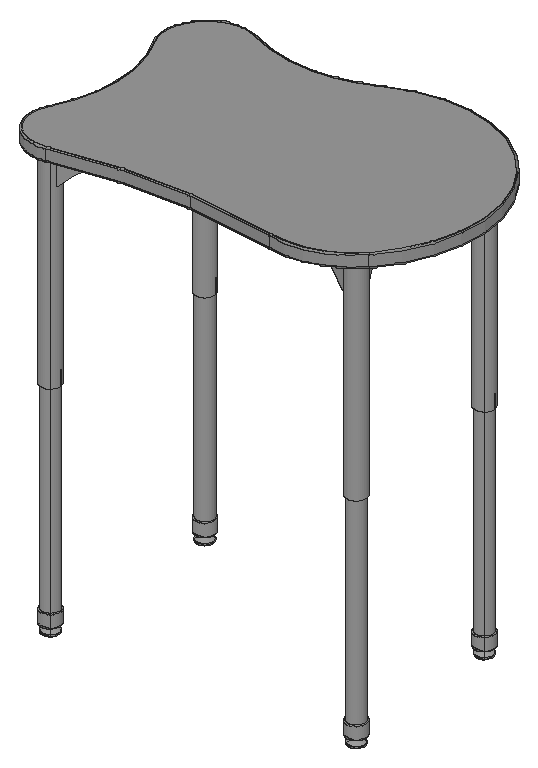
Revit family "Hierarchy Fender Large Desk - Standing Height", category Furniture, Revit 2018
Family settings
  Work Plane-Based = No
  Always vertical = Yes
  Cut with Voids When Loaded = No
  Shared = No
  Room Calculation Point = No
Parameters
  Desk Height = 3' - 5"
  Surface = Hierarchy Fender Large Desk Standing Surface
  Leg Finish = Hierarchy Leg Platinum
  Caster/Glide = Hierarchy Standing Leg - Glide : Hierarchy Standing Leg - Glide
  Edgeband = Hierarchy Fender Large Desk Standing Edgeband
Reference planes (in)
  plane 1 "Center (Front/Back)": y = 0
  plane 2: z = 0
  plane 3 "Center (Left/Right)": x = 0
  plane 4: z = 41
Dimensions and locks (in)
  "Desk Height": plane 4 to level
  aligned and locked: plane 2 to level
  aligned and locked: nested 1 to plane 4
Nested families (in)
  nested 1: "Fender Large Tabletop" at (0, 0, 16.375), type "Fender Large Tabletop"
  nested 2: "Hierarchy Standing Leg - Glide" at (-14.13555, 8.73036, 0) x (0.7187, 0.6953, 0) z (0, 0, 1), type <- "Caster/Glide", Leg Finish <- "Leg Finish", Leg Height <- "Desk Height", type "Hierarchy Standing Leg - Glide"
  nested 3: "Hierarchy Standing Leg - Glide" at (-14.44519, -8.95185, 0) x (-0.6523, 0.758, 0) z (0, 0, 1), type <- "Caster/Glide", Leg Finish <- "Leg Finish", Leg Height <- "Desk Height", type "Hierarchy Standing Leg - Glide"
  nested 4: "Hierarchy Standing Leg - Glide" at (13.41239, -7.99511, 0) x (-0.6516, -0.7585, 0) z (0, 0, 1), Leg Finish <- "Leg Finish", Leg Height <- "Desk Height", type "Hierarchy Standing Leg - Glide"
    with Leg Height 3' - 5", Leg Finish Hierarchy Leg Platinum
  nested 5: "Hierarchy Standing Leg - Glide" at (12.44548, 8.20488, 0) x (0.673, -0.7396, 0) z (0, 0, 1), Leg Finish <- "Leg Finish", Leg Height <- "Desk Height", type "Hierarchy Standing Leg - Glide"
    with Leg Height 3' - 5", Leg Finish Hierarchy Leg Platinum
Definition of nested family "Fender Large Tabletop"
  Parameters (values of type "Fender Large Tabletop")
    Surface = none
    Edgeband = none
  Reference planes (in)
    plane 1 "Center (Front/Back)": y = 0
    plane 2: z = 0
    plane 3 "Center (Left/Right)": x = 0
  Forms (in)
    Extrusion 1, solid, material <- "Surface"
      sketch origin (0, 0, 0) x (1, 0, 0) y (0, 1, 0)
        loop
          arc (-16.54, 5.85448) -> (-15.37005, 2.85446) -> (-14.9842, -0.34243) r 12.82588
          arc (-14.9842, -0.34243) -> (-15.38855, -3.47903) -> (-16.54139, -6.42397) r 12.94498
          arc (-16.54139, -6.42397) -> (-16.27167, -10.0573) -> (-12.85847, -11.33162) r 3.3774
          arc (-12.85847, -11.33162) -> (-6.5983, -10.38668) -> (-0.26914, -10.2302) r 50.64304
          arc (-0.26914, -10.2302) -> (3.88705, -10.56276) -> (8.00065, -11.24302) r 49.62977
          arc (8.00065, -11.24302) -> (11.97886, -11.04383) -> (15.34964, -8.92165) r 7.86744
          arc (15.34964, -8.92165) -> (16.24925, 7.27288) -> (0.46174, 10.99128) r 12.62621
          arc (0.46174, 10.99128) -> (-2.07479, 10.0375) -> (-4.75563, 9.64153) r 12.74533
          arc (-4.75563, 9.64153) -> (-8.12546, 9.94022) -> (-11.30862, 11.08587) r 13.19642
          arc (-11.30862, 11.08587) -> (-15.83026, 10.37612) -> (-16.54, 5.85448) r 3.88603
      from 24.625 to 25.875
    Sweep 2, solid, material <- "Edgeband"
      path origin (0, 0, 0) x (1, 0, 0) y (0, 1, 0)
        loop
          arc (-16.54, 5.85448) -> (-15.37005, 2.85446) -> (-14.9842, -0.34243) r 12.82588
          arc (-14.9842, -0.34243) -> (-15.38855, -3.47903) -> (-16.54139, -6.42397) r 12.94498
          arc (-16.54139, -6.42397) -> (-16.27167, -10.0573) -> (-12.85847, -11.33162) r 3.3774
          arc (-12.85847, -11.33162) -> (-6.5983, -10.38668) -> (-0.26914, -10.2302) r 50.64304
          arc (-0.26914, -10.2302) -> (3.88705, -10.56276) -> (8.00065, -11.24302) r 49.62977
          arc (8.00065, -11.24302) -> (11.97886, -11.04383) -> (15.34964, -8.92165) r 7.86744
          arc (15.34964, -8.92165) -> (16.24925, 7.27288) -> (0.46174, 10.99128) r 12.62621
          arc (0.46174, 10.99128) -> (-2.07479, 10.0375) -> (-4.75563, 9.64153) r 12.74533
          arc (-4.75563, 9.64153) -> (-8.12546, 9.94022) -> (-11.30862, 11.08587) r 13.19642
          arc (-11.30862, 11.08587) -> (-15.83026, 10.37612) -> (-16.54, 5.85448) r 3.88603
      profile origin (-15.37005, 2.85446, 0) x (0.9699, 0.243504, 0) y (0, 0, 1)
        loop
          arc (0, 25.87716) -> (-0.08991, 25.83991) -> (-0.12715, 25.75) r 0.12715
          line (-0.12715, 25.75) -> (-0.12715, 24.75)
          arc (-0.12715, 24.75) -> (-0.08991, 24.66009) -> (0, 24.62285) r 0.12715
          line (0, 24.62285) -> (0, 25.87716)
  Dimensions and locks (in)
    aligned and locked: plane 2 to level
Definition of nested family "Hierarchy Standing Leg - Glide"
  Parameters (values of type "Hierarchy Standing Leg - Glide")
    Leg Finish [instance] = none
    Leg Height [instance] = 3' - 5"
  Reference planes (in)
    plane 1 "Center (Front/Back)": y = 0
    plane 2: z = 0
    plane 3 "Center (Left/Right)": x = 0
  Forms (in)
    Extrusion 1, solid
      sketch origin (-0.01562, 0, 0) x (1, 0, 0) y (0, 1, 0)
        loop
          circle (0.01563, 0) r 0.79147
      from 2 to 23.175
    Revolve 2, solid
      sketch origin (0, 0, 0) x (1, 0, 0) y (0, 0, 1)
        loop
          line (0, 2) -> (0, 0.74937) -> (0.84838, 0.74937)
          arc (0.84838, 0.74937) -> (0.89342, 0.76803) -> (0.91207, 0.81306) r 0.06369
          line (0.91207, 0.81306) -> (0.91207, 1.93631)
          arc (0.91207, 1.93631) -> (0.89342, 1.98134) -> (0.84838, 2) r 0.06369
          line (0.84838, 2) -> (0, 2)
        axis (0, 2) -> (0, 0.74937)
      angle from 0 to 360
    Revolve 3, solid
      sketch origin (0, 0, 0) x (1, 0, 0) y (0, 0, 1)
        loop
          line (0, 0.75) -> (0, 0) -> (0.74583, 0) -> (0.79147, 0.09013) -> (0.79147, 0.16241) -> (0.12474, 0.5) -> (0.12474, 0.75) -> (0, 0.75)
        axis (0, 0.75) -> (0, 0)
      angle from 0 to 360
  Dimensions and locks (in)
    "Leg Height": nested 1 to level
    aligned and locked: plane 2 to level
  Automatic sketch dimensions
    plane 1 "Center (Front/Back)" to Extrusion 1 sketch curve = 0' - 0"
    Extrusion 1 sketch curve to plane 3 "Center (Left/Right)" = 0' - 0"
    Revolve 2 sketch curve to plane 3 "Center (Left/Right)" = 0' - 0"  (x2)
    plane 3 "Center (Left/Right)" to Revolve 2 sketch curve = 0' - 0.84838"
    Revolve 2 sketch curve to Revolve 2 sketch curve = 0' - 0.84838"
    Revolve 2 sketch curve to Revolve 2 sketch curve = 0' - 0.06369"
    level to Revolve 2 sketch curve = 0' - 0.74937"
    Revolve 2 sketch curve to Revolve 2 sketch curve = 0' - 1.12324"
    Revolve 2 sketch curve to Revolve 2 sketch curve = 0' - 0.13731"
    Revolve 2 sketch curve to Revolve 2 sketch curve = 0' - 0 3/4"
    Revolve 3 sketch curve to plane 3 "Center (Left/Right)" = 0' - 0"  (x2)
    Revolve 3 sketch curve to level = 0' - 0"
    plane 3 "Center (Left/Right)" to Revolve 3 sketch curve = 0' - 0.12474"
    plane 3 "Center (Left/Right)" to Revolve 3 sketch curve = 0' - 0.74583"
    Revolve 3 sketch curve to Revolve 3 sketch curve = 0' - 0.04564"
    level to Revolve 3 sketch curve = 0' - 0.09013"
    Revolve 3 sketch curve to Revolve 3 sketch curve = 0' - 0.07228"
    level to Revolve 3 sketch curve = 0' - 0 1/2"
    Revolve 3 sketch curve to Revolve 3 sketch curve = 0' - 0 1/4"
    Revolve 3 sketch curve to level = 0' - 0 1/8"
    Revolve 3 sketch curve to Revolve 3 sketch curve = 0' - 0 1/8"
    radius of Extrusion 1 sketch curve = 0' - 0.79147"
  Nested families (in)
    nested 1: "Hierarchy Standing Upper Leg 2023" at (0, 0, 0.19983), Leg Finish <- "Leg Finish", type "Hierarchy Standing Upper Leg 2023"
      with Leg Finish none
  Definition of nested family "Hierarchy Standing Upper Leg 2023"
    Parameters (values of type "Hierarchy Standing Upper Leg 2023")
      Leg Finish [instance] = none
    Reference planes (in)
      plane 1 "Center (Front/Back)": y = 0
      plane 2: z = 0
      plane 3 "Center (Left/Right)": x = 0
    Forms (in)
      Extrusion 1, solid, material <- "Leg Finish"
        sketch origin (0, 0, 0) x (1, 0, 0) y (0, 1, 0)
          loop
            circle (0, 0) r 0.9129
        from 20.67418 to 40.67418
      Extrusion 2, solid, material <- "Leg Finish"
        sketch origin (0, 0, 12.998) x (1, 0, 0) y (0, 1, 0)
          loop
            line (-1.70174, 0.19183) -> (-3.96611, -4.49738)
            arc (-3.96611, -4.49738) -> (-3.91977, -5.33444) -> (-3.18615, -5.74016) r 0.86614
            line (-3.18615, -5.74016) -> (3.18615, -5.74016)
            arc (3.18615, -5.74016) -> (3.91977, -5.33444) -> (3.96611, -4.49738) r 0.86614
            line (3.96611, -4.49738) -> (1.70174, 0.19183)
            arc (1.70174, 0.19183) -> (0, 1.25984) -> (-1.70174, 0.19183) r 1.88976
        from 27.67618 to 27.80217
      Extrusion 3, solid, material <- "Leg Finish"
        sketch origin (12.41967, 1.58692, 0) x (0.434844, 0.900506, 0) y (0, 0, 1)
          loop
            arc (-12.68776, 40.67418) -> (-12.80559, 40.56418) -> (-12.70394, 40.43908) r 0.11811
            arc (-12.70394, 40.43908) -> (-9.98192, 39.53509) -> (-7.76426, 37.71614) r 7.87402
            arc (-7.76426, 37.71614) -> (-7.63344, 37.68136) -> (-7.55587, 37.79229) r 0.11811
            line (-7.55587, 37.79229) -> (-7.55587, 40.67418) -> (-12.68776, 40.67418)
        from -11.10976 to -10.98378
      Extrusion 4, solid, material <- "Leg Finish"
        sketch origin (-12.41967, 1.58692, 0) x (-0.434844, 0.900506, 0) y (0, 0, -1)
          loop
            line (-12.68776, -40.67418) -> (-7.55587, -40.67418) -> (-7.55587, -37.79229)
            arc (-7.55587, -37.79229) -> (-7.63344, -37.68136) -> (-7.76426, -37.71614) r 0.11811
            arc (-7.76426, -37.71614) -> (-9.98192, -39.53509) -> (-12.70394, -40.43908) r 7.87402
            arc (-12.70394, -40.43908) -> (-12.80559, -40.56418) -> (-12.68776, -40.67418) r 0.11811
        from -11.10976 to -10.98378
    Dimensions and locks (in)
      aligned and locked: plane 2 to level
